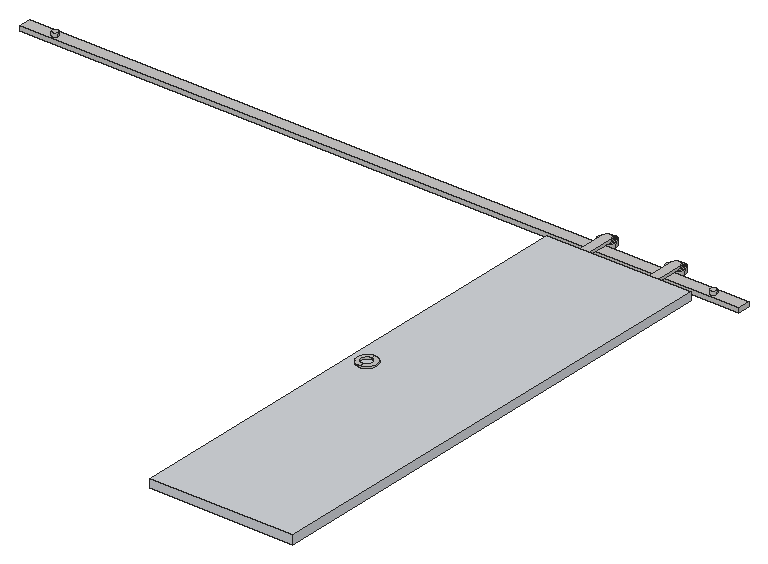
Revit family
Parameters (values of type "Stainless Steel, Brushed")
  zz YesNo 8 [instance] = or(Trolley is Face Mount, Trolley is Glass Mount)  # no
  zz YesNo 7 [instance] = and(not(zz YesNo 6), Has Color Accent White)  # no
  zz YesNo 6 [instance] = or(not(if(Trolley is Top Mount, 1, 0) + if(Trolley is Glass Mount, 1, 0) + if(Trolley is Face Mount, 1, 0) = 1), and(Has Color Accent Yellow, Has Color Accent White), and(Has Color Accent White, Has Color Accent Blue), and(Has Color Accent Blue, Has Color Accent Orange), and(Has Color Accent Orange, Has Color Accent Black), and(Has Color Accent Yellow, Has Color Accent Black), and(Has Color Accent White, Has Color Accent Orange), and(Has Color Accent Yellow, Has Color Accent Blue), and(Has Color Accent White, Has Color Accent Orange), and(Has Color Accent Blue, Has Color Accent Black), and(Has Color Accent Yellow, Has Color Accent Orange), and(Has Color Accent White, Has Color Accent Black))  # no
  zz YesNo 5 [instance] = and(not(zz YesNo 6), Has Color Accent Orange)  # no
  zz YesNo 4 [instance] = and(not(zz YesNo 6), Has Color Accent Yellow)  # no
  zz YesNo 3 [instance] = and(not(zz YesNo 6), Has Color Accent Blue)  # no
  zz YesNo 2 [instance] = not(or(zz YesNo 4, zz YesNo 7, zz YesNo 5, zz YesNo 3, zz YesNo 1))  # yes
  zz YesNo 1 [instance] = and(not(zz YesNo 6), Has Color Accent Black)  # no
  zz Material 3 = Stainless Steel - Krown Lab - Brushed
  zz Material 2 = Stainless Steel - Krown Lab - Brushed
  zz Material 1 = Stainless Steel - Krown Lab - Brushed
  zz Length 6 [instance] = if(and(Has 1 Track Mount Spacer, Trolley is Top Mount), 2.000", if(and(Has 2 Track Mount Spacers, Trolley is Top Mount), 2.625", if(and(Has 1 Track Mount Spacer, Trolley is Face Mount), 1.375", if(and(Has 2 Track Mount Spacers, Trolley is Face Mount), 2.000", if(and(Has 1 Track Mount Spacer, Trolley is Glass Mount), 1.375", if(and(Has 2 Track Mount Spacers, Trolley is Glass Mount), 2.000", 0.500")))))) - 0.125"  # 1.875"
  zz Length 5 [instance] = if(Panel Height < 4.750", 4.750", Panel Height)  # 83.000"
  zz Length 4 [instance] = 91.000"
  zz Length 3 [instance] = if(Panel Width < 16.375", 16.375", Panel Width)  # 24.000"
  zz Length 2 [instance] = if(Has 1 Track Mount Spacer, 1.375", 2.000")  # 1.375"
  zz Length 1 [instance] = if(zz Length 4 + (Panel Width / 2) > [built-in parameter 1001306] + 72.000", [built-in parameter 1001306] - (Panel Width / 2) + 72.000", if(zz Length 4 - (Panel Width / 2) < 72.000", (Panel Width / 2) + 72.000", zz Length 4))  # 91.000"
  zz Integer 1 = 3
  URL = "http://www.krownlab.com/"
  Type Comments = "To Modify the Panel, edit the nested Panel Family and reload into the Door"  # constant formula
  Trolley is Top Mount [instance] = yes
  Trolley is Glass Mount [instance] = no
  Trolley is Face Mount [instance] = no
  Track Length [instance] = [built-in parameter 1001306]  # 120.000"
  Provide Feedback = "https://www.surveymonkey.com/s/3HJZTQD "
  Product Page URL = "http://www.krownlab.com/oden"
  Product Material = Stainless Steel - Krown Lab - Brushed
  Product Documentation Link = "http://www.krownlab.com/pdfs/KrownLab-ODEN-Product-Guide.pdf"
  Part Number [instance] = if(not(zz YesNo 6), if(and(zz Integer 1 = 3, Trolley is Top Mount), "Oden, O11", if(and(zz Integer 1 = 3, Trolley is Face Mount), "Oden, O12", if(and(zz Integer 1 = 3, Trolley is Glass Mount), "Oden, O13", if(and(zz Integer 1 = 2, Trolley is Top Mount), "Oden, O21", if(and(zz Integer 1 = 2, Trolley is Face Mount), "Oden, O22", if(and(zz Integer 1 = 2, Trolley is Glass Mount), "Oden, O23", if(and(zz Integer 1 = 4, Trolley is Top Mount), "Oden, O31", if(and(zz Integer 1 = 4, Trolley is Face Mount), "Oden, O32", if(and(zz Integer 1 = 4, Trolley is Glass Mount), "Oden, O33", if(and(zz Integer 1 = 1, Trolley is Top Mount), "Oden, O41", if(and(zz Integer 1 = 1, Trolley is Face Mount), "Oden, O42", if(and(zz Integer 1 = 1, Trolley is Glass Mount), "Oden, O43", "Not Available")))))))))))), "Not Available")  # "Oden, O11"
  Part Description [instance] = if(and(zz Integer 1 = 1, zz YesNo 4), "Oden Series Bamboo Sliding Track For Custom Sized Panels With Yellow Accents", if(and(zz Integer 1 = 1, zz YesNo 7), "Oden Series Bamboo Sliding Track For Custom Sized Panels With White Accents", if(and(zz Integer 1 = 1, zz YesNo 5), "Oden Series Bamboo Sliding Track For Custom Sized Panels With Orange Accents", if(and(zz Integer 1 = 1, zz YesNo 3), "Oden Series Bamboo Sliding Track For Custom Sized Panels With Blue Accents", if(and(zz Integer 1 = 1, zz YesNo 1), "Oden Series Bamboo Sliding Track For Custom Sized Panels With Black Accents", if(and(zz Integer 1 = 1, zz YesNo 2), "Oden Series Bamboo Sliding Track For Custom Sized Panels", if(and(zz Integer 1 = 2, zz YesNo 4), "Oden Series Polished Stainless Steel Sliding Track For Custom Sized Panels With Yellow Accents", if(and(zz Integer 1 = 2, zz YesNo 7), "Oden Series Polished Stainless Steel Sliding Track For Custom Sized Panels With White Accents", if(and(zz Integer 1 = 2, zz YesNo 5), "Oden Series Polished Stainless Steel Sliding Track For Custom Sized Panels With Orange Accents", if(and(zz Integer 1 = 2, zz YesNo 3), "Oden Series Polished Stainless Steel Sliding Track For Custom Sized Panels With Blue Accents", if(and(zz Integer 1 = 2, zz YesNo 1), "Oden Series Polished Stainless Steel Sliding Track For Custom Sized Panels With Black Accents", if(and(zz Integer 1 = 2, zz YesNo 2), "Oden Series Polished Stainless Steel Sliding Track For Custom Sized Panels", if(and(zz Integer 1 = 3, zz YesNo 4), "Oden Series Brushed Stainless Steel Sliding Track For Custom Sized Panels With Yellow Accents", if(and(zz Integer 1 = 3, zz YesNo 7), "Oden Series Brushed Stainless Steel Sliding Track For Custom Sized Panels With White Accents", if(and(zz Integer 1 = 3, zz YesNo 5), "Oden Series Brushed Stainless Steel Sliding Track For Custom Sized Panels With Orange Accents", if(and(zz Integer 1 = 3, zz YesNo 3), "Oden Series Brushed Stainless Steel Sliding Track For Custom Sized Panels With Blue Accents", if(and(zz Integer 1 = 3, zz YesNo 1), "Oden Series Brushed Stainless Steel Sliding Track For Custom Sized Panels With Black Accents", if(and(zz Integer 1 = 3, zz YesNo 2), "Oden Series Brushed Stainless Steel Sliding Track For Custom Sized Panels", if(and(zz Integer 1 = 4, zz YesNo 4), "Oden Series Black Stainless Steel Sliding Track For Custom Sized Panels With Yellow Accents", if(and(zz Integer 1 = 4, zz YesNo 7), "Oden Series Black Stainless Steel Sliding Track For Custom Sized Panels With White Accents", if(and(zz Integer 1 = 4, zz YesNo 5), "Oden Series Black Stainless Steel Sliding Track For Custom Sized Panels With Orange Accents", if(and(zz Integer 1 = 4, zz YesNo 3), "Oden Series Black Stainless Steel Sliding Track For Custom Sized Panels With Blue Accents", if(and(zz Integer 1 = 4, zz YesNo 1), "Oden Series Black Stainless Steel Sliding Track For Custom Sized Panels With Black Accents", if(and(zz Integer 1 = 4, zz YesNo 2), "Oden Series Black Stainless Steel Sliding Track For Custom Sized Panels", "Not Available"))))))))))))))))))))))))  # "Oden Series Brushed Stainless Steel Sliding Track For Custom Sized Panels"
  Panel Width [instance] = 24.000"
  Panel Material [instance] = none
  Panel Height [instance] = 83.000"
  Panel Depth Desired [instance] = 1.375"
  Panel Depth Actual [instance] = if(not(zz YesNo 6), if(Trolley is Top Mount, if(Panel Depth Desired > 3.000", 3.000", if(Panel Depth Desired < 1.375", 1.375", Panel Depth Desired)), if(Trolley is Face Mount, if(Panel Depth Desired > 1.750", 1.750", if(Panel Depth Desired < 0.750", 0.750", Panel Depth Desired)), if(Trolley is Glass Mount, if(Panel Depth Desired > 0.750", 0.750", if(Panel Depth Desired < 0.375", 0.375", Panel Depth Desired)), 5.000"))), 3.000" / 4)  # 1.375"
  Panel [instance] = Panel : Standard
  Original Creation Date = "6/26/13"  # constant formula
  Mounting Hardware [instance] = if(not(zz YesNo 6), if(Trolley is Top Mount, "Top Mount", if(Trolley is Face Mount, "Face Mount", if(Trolley is Glass Mount, "Glass Mount", "Not Available"))), "Not Available")  # "Top Mount"
  Model Disclaimer = "For More Information, Contact Krown Lab"  # constant formula
  Model = "See Part Number"  # constant formula
  Max Panel Weight [instance] = if(Has 1 Track Mount Spacer, 400.000 lbf, 300.000 lbf)  # 400.000 lbf
  Manufacturer = "Krown Lab"  # constant formula
  built-in parameter 1001306 [instance] = 120.000"
  Has Color Accent Yellow [instance] = no
  Has Color Accent White [instance] = no
  Has Color Accent Orange [instance] = no
  Has Color Accent Blue [instance] = no
  Has Color Accent Black [instance] = no
  Has 2 Track Mount Spacers [instance] = not(Has 1 Track Mount Spacer)  # no
  Has 1 Track Mount Spacer [instance] = yes
  Handle Material = Stainless Steel - Krown Lab - Brushed
  Handle [instance] = Handle : Ring Pull
  Family Version = "1.0.0"  # constant formula
  Equipment Number [instance] = ""
  Equipment Abbreviation = "DR"
  Description = "See Part Description"  # constant formula
  Date Last Modified = "6/26/13"  # constant formula
  Copyright = "Copyright © Krown Lab"  # constant formula
  Configuration [instance] = if(and(or(and(Trolley is Top Mount, Trolley is Glass Mount), and(Trolley is Top Mount, Trolley is Face Mount), and(Trolley is Face Mount, Trolley is Glass Mount)), zz YesNo 6), "Error: Select only 1 Trolley Option", if(zz YesNo 6, "Error: Select only 1 Color Accent", "Available"))  # "Available"
Types (5): name | zz Material 3 | zz Material 2 | zz Material 1 | zz Integer 1 | Product Material | Part Number | Part Description | Handle Material
  (no name) | Stainless Steel - Krown Lab - Brushed | Stainless Steel - Krown Lab - Brushed | Stainless Steel - Krown Lab - Brushed | 3 | Stainless Steel - Krown Lab - Brushed | "Oden, O11" | "Oden Series Brushed Stainless Steel Sliding Track For Custom Sized Panels" | Stainless Steel - Krown Lab - Brushed
  Stainless Steel, Polished | Stainless Steel - Krown Lab - Polished | Stainless Steel - Krown Lab - Polished | Stainless Steel - Krown Lab - Polished | 2 | Stainless Steel - Krown Lab - Polished | "Oden, O21" | "Oden Series Polished Stainless Steel Sliding Track For Custom Sized Panels" | Stainless Steel - Krown Lab - Polished
  Stainless Steel, Brushed | Stainless Steel - Krown Lab - Brushed | Stainless Steel - Krown Lab - Brushed | Stainless Steel - Krown Lab - Brushed | 3 | Stainless Steel - Krown Lab - Brushed | "Oden, O11" | "Oden Series Brushed Stainless Steel Sliding Track For Custom Sized Panels" | Stainless Steel - Krown Lab - Brushed
  Stainless Steel, Black | Stainless Steel - Krown Lab - Black | Stainless Steel - Krown Lab - Black | Stainless Steel - Krown Lab - Black | 4 | Stainless Steel - Krown Lab - Black | "Oden, O31" | "Oden Series Black Stainless Steel Sliding Track For Custom Sized Panels" | Stainless Steel - Krown Lab - Black
  Bamboo | Stainless Steel - Krown Lab - Brushed | Stainless Steel - Krown Lab - Brushed | Bamboo - Krown Lab | 1 | Bamboo - Krown Lab | "Oden, O41" | "Oden Series Bamboo Sliding Track For Custom Sized Panels" | Stainless Steel - Krown Lab - Brushed
Reference planes (in)
  plane 1 "Center (Front/Back)": y = 0
  plane 2: z = 0
  plane 3 "Left": x = 0
  plane 4 "Right": x = 120
  plane 5: z = 1.1875
  plane 6: z = 0.675
  plane 7: z = 0.5
  plane 8: z = 1.025
  plane 9: z = 1.375
  plane 10: z = 1.775
  plane 11: z = 1.875
  plane 12: x = 5
  plane 13: x = 67
  plane 14: y = -44.75
  plane 15: y = -86.25
  plane 16: y = -44.25
  plane 17: y = 1.075
  plane 18: y = 1.438
  plane 19: y = -3.25
  plane 20: y = -2
  plane 21: y = -1
  plane 22: y = -7.25
  plane 23: x = 89
  plane 24: x = 101
  plane 25: x = 113
  plane 26: x = 91.7
  plane 27: x = 94.5
  plane 28: x = 96
  plane 29: x = 95.25
  plane 30: x = 107.5
  plane 31: x = 106.75
  plane 32: x = 106
  plane 33: x = 192
  plane 34: y = -3
  plane 35: x = -1
  plane 36: x = 121
  plane 37: y = 4.313
  plane 38: y = -87.25
  plane 39: z = -1
  plane 40: z = 2.875
  plane 41: y = -0.5
  plane 42: z = 0.275
  plane 43: z = 1.25
  plane 44: z = 0.8
  plane 45: z = 2.125
  plane 46: y = 0.75
  plane 47: y = 0.5625
  plane 48: y = 0.1875
  plane 49: x = 115
  plane 50: z = 1.875
Forms (in)
  Extrusion 1, solid, material "Stainless Steel - Krown Lab - Brushed" <- "Product Material", visible <- "zz YesNo 2"
    sketch origin (0, 0, 0) x (1, 0, 0) y (0, 1, 0)
      loop
        line (0, 0) -> (0, -2) -> (120, -2) -> (120, 0) -> (0, 0)
    from 0.675 to 1.375
  Extrusion 2, solid, material "Stainless Steel - Krown Lab - Brushed" <- "zz Material 2", visible <- "zz YesNo 4", detail levels medium+fine
    sketch origin (0, 0, 0) x (1, 0, 0) y (0, 1, 0)
      loop
        circle (95.25, 1.438) r 0.688
      loop
        circle (95.25, 1.438) r 1.438
      loop
        circle (106.75, 1.438) r 0.688
      loop
        circle (106.75, 1.438) r 1.4375
    from 0.675 to 1.375
  Extrusion 3, solid, material "Stainless Steel - Krown Lab - Brushed" <- "Product Material", visible <- "zz YesNo 8", detail levels medium+fine
    sketch origin (0, 0, 0) x (1, 0, 0) y (0, 1, 0)
      loop
        arc (94.5, -7.25) -> (95.25, -8) -> (96, -7.25) r 0.75
        line (96, -7.25) -> (96, 1.438)
        arc (96, 1.438) -> (95.25, 2.188) -> (94.5, 1.438) r 0.75
        line (94.5, 1.438) -> (94.5, -7.25)
      loop
        arc (106, -7.25) -> (106.75, -8) -> (107.5, -7.25) r 0.75
        line (107.5, -7.25) -> (107.5, 1.438)
        arc (107.5, 1.438) -> (106.75, 2.188) -> (106, 1.438) r 0.75
        line (106, 1.438) -> (106, -7.25)
    from 1.375 to 1.775
  Extrusion 4, solid, material "Stainless Steel - Krown Lab - Brushed" <- "Product Material", visible <- "Trolley is Top Mount", detail levels medium+fine
    sketch origin (0, 0, 0) x (1, 0, 0) y (0, 1, 0)
      loop
        line (94.5, -3.25) -> (96, -3.25) -> (96, 1.438)
        arc (96, 1.438) -> (95.25, 2.188) -> (94.5, 1.438) r 0.75
        line (94.5, 1.438) -> (94.5, -3.25)
      loop
        line (106, -3.25) -> (107.5, -3.25) -> (107.5, 1.438)
        arc (107.5, 1.438) -> (106.75, 2.188) -> (106, 1.438) r 0.75
        line (106, 1.438) -> (106, -3.25)
    from 1.375 to 1.775
  Extrusion 5, solid, material "Stainless Steel - Krown Lab - Brushed" <- "Product Material", visible <- "Trolley is Top Mount", detail levels medium+fine
    sketch origin (0, 0, 0) x (1, 0, 0) y (0, 1, 0)
      loop
        line (94.5, -3) -> (94.5, -3.25) -> (96, -3.25) -> (96, -3) -> (94.5, -3)
      loop
        line (106, -3) -> (106, -3.25) -> (107.5, -3.25) -> (107.5, -3) -> (106, -3)
    from 0.675 to 1.775
  Extrusion 6, solid, material "Error Box", visible <- "zz YesNo 6"
    sketch origin (0, 0, 0) x (1, 0, 0) y (0, 1, 0)
      loop
        line (-1, 4.313) -> (-1, -87.25) -> (121, -87.25) -> (121, 4.313) -> (-1, 4.313)
    from -1 to 2.875
  Extrusion 7, solid, material "Stainless Steel - Krown Lab - Brushed" <- "zz Material 2", visible <- "zz YesNo 7", detail levels medium+fine
    sketch origin (0, 0, 0) x (1, 0, 0) y (0, 1, 0)
      loop
        circle (95.25, 1.438) r 0.688
      loop
        circle (95.25, 1.438) r 1.438
      loop
        circle (106.75, 1.438) r 0.688
      loop
        circle (106.75, 1.438) r 1.4375
    from 0.675 to 1.375
  Extrusion 8, solid, material "Stainless Steel - Krown Lab - Brushed" <- "zz Material 2", visible <- "zz YesNo 5", detail levels medium+fine
    sketch origin (0, 0, 0) x (1, 0, 0) y (0, 1, 0)
      loop
        circle (95.25, 1.438) r 0.688
      loop
        circle (95.25, 1.438) r 1.438
      loop
        circle (106.75, 1.438) r 0.688
      loop
        circle (106.75, 1.438) r 1.4375
    from 0.675 to 1.375
  Extrusion 9, solid, material "Stainless Steel - Krown Lab - Brushed" <- "zz Material 2", visible <- "zz YesNo 3", detail levels medium+fine
    sketch origin (0, 0, 0) x (1, 0, 0) y (0, 1, 0)
      loop
        circle (95.25, 1.438) r 0.688
      loop
        circle (95.25, 1.438) r 1.438
      loop
        circle (106.75, 1.438) r 0.688
      loop
        circle (106.75, 1.438) r 1.4375
    from 0.675 to 1.375
  Extrusion 10, solid, material "Stainless Steel - Krown Lab - Brushed" <- "zz Material 2", visible <- "zz YesNo 1", detail levels medium+fine
    sketch origin (0, 0, 0) x (1, 0, 0) y (0, 1, 0)
      loop
        circle (95.25, 1.438) r 0.688
      loop
        circle (95.25, 1.438) r 1.438
      loop
        circle (106.75, 1.438) r 0.688
      loop
        circle (106.75, 1.438) r 1.4375
    from 0.675 to 1.375
  Extrusion 11, solid, material "Stainless Steel - Krown Lab - Brushed" <- "zz Material 2", visible <- "zz YesNo 2", detail levels medium+fine
    sketch origin (0, 0, 0) x (1, 0, 0) y (0, 1, 0)
      loop
        circle (95.25, 1.438) r 0.688
      loop
        circle (95.25, 1.438) r 1.438
      loop
        circle (106.75, 1.438) r 0.688
      loop
        circle (106.75, 1.438) r 1.4375
    from 0.675 to 1.375
  Extrusion 12, solid, material "Stainless Steel - Krown Lab - Brushed" <- "Product Material", visible <- "zz YesNo 1"
    sketch origin (0, 0, 0) x (1, 0, 0) y (0, 1, 0)
      loop
        line (0, 0) -> (0, -2) -> (120, -2) -> (120, 0) -> (0, 0)
    from 0.675 to 1.375
  Extrusion 13, solid, material "Stainless Steel - Krown Lab - Brushed" <- "Product Material", visible <- "zz YesNo 3"
    sketch origin (0, 0, 0) x (1, 0, 0) y (0, 1, 0)
      loop
        line (0, 0) -> (0, -2) -> (120, -2) -> (120, 0) -> (0, 0)
    from 0.675 to 1.375
  Extrusion 14, solid, material "Stainless Steel - Krown Lab - Brushed" <- "Product Material", visible <- "zz YesNo 5"
    sketch origin (0, 0, 0) x (1, 0, 0) y (0, 1, 0)
      loop
        line (0, 0) -> (0, -2) -> (120, -2) -> (120, 0) -> (0, 0)
    from 0.675 to 1.375
  Extrusion 15, solid, material "Stainless Steel - Krown Lab - Brushed" <- "Product Material", visible <- "zz YesNo 7"
    sketch origin (0, 0, 0) x (1, 0, 0) y (0, 1, 0)
      loop
        line (0, 0) -> (0, -2) -> (120, -2) -> (120, 0) -> (0, 0)
    from 0.675 to 1.375
  Extrusion 16, solid, material "Stainless Steel - Krown Lab - Brushed" <- "Product Material", visible <- "zz YesNo 4"
    sketch origin (0, 0, 0) x (1, 0, 0) y (0, 1, 0)
      loop
        line (0, 0) -> (0, -2) -> (120, -2) -> (120, 0) -> (0, 0)
    from 0.675 to 1.375
  Extrusion 17, solid, material "Stainless Steel - Krown Lab - Brushed" <- "Product Material", detail levels medium+fine
    sketch origin (0, 0, 0) x (1, 0, 0) y (0, 1, 0)
      loop
        line (94.5, -0.5) -> (96, -0.5) -> (96, 1.438)
        arc (96, 1.438) -> (95.25, 2.188) -> (94.5, 1.438) r 0.75
        line (94.5, 1.438) -> (94.5, -0.5)
      loop
        line (106, -0.5) -> (107.5, -0.5) -> (107.5, 1.438)
        arc (107.5, 1.438) -> (106.75, 2.188) -> (106, 1.438) r 0.75
        line (106, 1.438) -> (106, -0.5)
    from 0.275 to 0.675
  Extrusion 18, void
    sketch origin (0, 0, 0) x (1, 0, 0) y (0, 1, 0)
      loop
        circle (106.75, 1.438) r 1.2505
      loop
        circle (106.75, 1.438) r 0.8755
      loop
        circle (95.25, 1.438) r 1.2505
      loop
        circle (95.25, 1.438) r 0.8755
    from 1.25 to 1.375
  Extrusion 19, void
    sketch origin (0, 0, 0) x (1, 0, 0) y (0, 1, 0)
      loop
        circle (106.75, 1.438) r 1.2505
      loop
        circle (106.75, 1.438) r 0.8755
      loop
        circle (95.25, 1.438) r 1.2505
      loop
        circle (95.25, 1.438) r 0.8755
    from 0.675 to 0.8
  Extrusion 20, solid, material "Stainless Steel - Krown Lab - Brushed" <- "zz Material 2", visible <- "zz YesNo 1", detail levels fine
    sketch origin (0, 0, 0) x (1, 0, 0) y (0, 1, 0)
      loop
        circle (115, -1) r 0.5
      loop
        circle (5, -1) r 0.5
    from 1.375 to 1.875
  Extrusion 21, solid, material "Stainless Steel - Krown Lab - Brushed" <- "zz Material 2", visible <- "zz YesNo 2", detail levels fine
    sketch origin (0, 0, 0) x (1, 0, 0) y (0, 1, 0)
      loop
        circle (115, -1) r 0.5
      loop
        circle (5, -1) r 0.5
    from 1.375 to 1.875
  Extrusion 22, solid, material "Stainless Steel - Krown Lab - Brushed" <- "zz Material 2", visible <- "zz YesNo 4", detail levels fine
    sketch origin (0, 0, 0) x (1, 0, 0) y (0, 1, 0)
      loop
        circle (115, -1) r 0.5
      loop
        circle (5, -1) r 0.5
    from 1.375 to 1.875
  Extrusion 23, solid, material "Stainless Steel - Krown Lab - Brushed" <- "zz Material 2", visible <- "zz YesNo 7", detail levels fine
    sketch origin (0, 0, 0) x (1, 0, 0) y (0, 1, 0)
      loop
        circle (115, -1) r 0.5
      loop
        circle (5, -1) r 0.5
    from 1.375 to 1.875
  Extrusion 24, solid, material "Stainless Steel - Krown Lab - Brushed" <- "zz Material 2", visible <- "zz YesNo 5", detail levels fine
    sketch origin (0, 0, 0) x (1, 0, 0) y (0, 1, 0)
      loop
        circle (115, -1) r 0.5
      loop
        circle (5, -1) r 0.5
    from 1.375 to 1.875
  Extrusion 25, solid, material "Stainless Steel - Krown Lab - Brushed" <- "zz Material 2", visible <- "zz YesNo 3", detail levels fine
    sketch origin (0, 0, 0) x (1, 0, 0) y (0, 1, 0)
      loop
        circle (115, -1) r 0.5
      loop
        circle (5, -1) r 0.5
    from 1.375 to 1.875
Cuts and joins
  joined: Extrusion 4, Extrusion 5
  Extrusion 18, Extrusion 19 cuts Extrusion 11
  Extrusion 18, Extrusion 19 cuts Extrusion 10
  Extrusion 18, Extrusion 19 cuts Extrusion 9
  Extrusion 18, Extrusion 19 cuts Extrusion 8
  Extrusion 18, Extrusion 19 cuts Extrusion 7
  Extrusion 18, Extrusion 19 cuts Extrusion 2
Lines and regions (in)
  Masking region 1
    outline origin (0, 0, 0) x (1, 0, 0) y (0, 0, 1)
      loop
        line (0, 1.375) -> (0, 0.675) -> (120, 0.675) -> (120, 1.375) -> (0, 1.375)
  reference lines
    curve 1: line (0, 0, 0) -> (120, 0, 0)
    curve 2: line (101, -86.25, 1.1875) -> (101, 0, 1.1875)
Text (in)
  text "To Modify the Panel, edit the nested Panel Family and reload into the Door" at (-101.19156, 12.03068, 0), in view "Ref. Level"
Dimensions and locks (in)
  "built-in parameter 1001306": plane 3 "Left" to plane 4 "Right"
  equal spacing: plane 11, plane 5, plane 7
  "zz Length 6": plane 11 to plane 2
  "Panel Depth Actual": plane 11 to plane 7
  "zz Length 2": plane 9 to plane 2
  equal spacing: plane 19, plane 14, plane 15
  locked: plane 16 to plane 15 at 42
  plane 18 to plane 17 to plane 46 to plane 47 to plane 48 to plane 1 "Center (Front/Back)" to plane 41 to plane 21 to plane 20 to plane 34 to plane 19 to plane 22 = 0.363" locked, 0.325" locked, 0.1875" locked, 0.375" locked, 0.1875" locked, 0.500" locked, 0.500" locked, 1.000" locked, 1.000" locked, 0.250" locked, 4.000" locked
  "zz Length 5": plane 19 to plane 15
  plane 10 to plane 9 to plane 8 to plane 6 = 0.400" locked, 0.350" locked, 0.350" locked
  equal spacing: plane 23, plane 24, plane 25
  "zz Length 3": plane 23 to plane 25
  plane 23 to plane 26 to plane 27 to plane 29 to plane 28 = 2.700" locked, 2.800" locked, 0.750" locked, 0.750" locked
  plane 32 to plane 31 to plane 30 to plane 25 = 0.750" locked, 0.750" locked, 5.500" locked
  "zz Length 1": plane 24 to plane 33
  "zz Length 4": curve 2 to plane 33
  locked: plane 4 "Right" to plane 33 at 72
  locked: plane 35 to plane 3 "Left" at 1
  locked: plane 4 "Right" to plane 36 at 1
  locked: plane 37 to plane 18 at 2.875
  locked: plane 15 to plane 38 at 1
  locked: plane 2 to plane 39 at 1
  locked: plane 40 to plane 11 at 1
  locked: plane 44 to plane 6 at 0.125
  locked: plane 9 to plane 43 at 0.125
  locked: plane 49 to plane 4 "Right" at 5
  locked: plane 3 "Left" to plane 12 at 5
  locked: plane 50 to plane 9 at 0.5
  aligned and locked: plane 4 "Right" to curve 1
  aligned and locked: plane 3 "Left" to curve 1
  aligned and locked: level to plane 2
  aligned and locked: Extrusion 1 sketch curve to plane 4 "Right"
  aligned and locked: plane 20 to Extrusion 1 sketch curve
  aligned and locked: plane 1 "Center (Front/Back)" to Extrusion 1 sketch curve
  aligned and locked: plane 3 "Left" to Extrusion 1 sketch curve
  aligned and locked: plane 29 to Extrusion 2 sketch curve  (x2)
  aligned and locked: plane 18 to Extrusion 2 sketch curve  (x4)
  aligned and locked: plane 31 to Extrusion 2 sketch curve  (x2)
  aligned: Extrusion 2 to plane 6
  aligned and locked: Extrusion 1 to plane 6
  aligned and locked: plane 9 to Extrusion 1
  aligned: plane 9 to Extrusion 2
  aligned and locked: nested 1 to plane 24
  aligned and locked: nested 1 to plane 14
  aligned and locked: nested 2 to plane 16
  aligned and locked: nested 2 to plane 26
  aligned and locked: plane 29 to Extrusion 3 sketch curve  (x2)
  aligned and locked: plane 22 to Extrusion 3 sketch curve  (x2)
  aligned and locked: plane 31 to Extrusion 3 sketch curve  (x2)
  aligned and locked: Extrusion 3 sketch curve to plane 32
  aligned and locked: plane 30 to Extrusion 3 sketch curve
  aligned and locked: plane 28 to Extrusion 3 sketch curve
  aligned and locked: Extrusion 3 sketch curve to plane 27
  aligned and locked: Extrusion 3 to plane 9
  aligned and locked: plane 10 to Extrusion 3
  aligned and locked: plane 15 to curve 2
  aligned and locked: Extrusion 4 sketch curve to plane 27
  aligned and locked: plane 19 to Extrusion 4 sketch curve  (x2)
  aligned and locked: plane 28 to Extrusion 4 sketch curve
  aligned and locked: Extrusion 4 sketch curve to plane 32
  aligned and locked: plane 30 to Extrusion 4 sketch curve
  aligned and locked: Extrusion 4 to plane 9
  aligned and locked: plane 10 to Extrusion 4
  aligned and locked: plane 19 to Extrusion 5 sketch curve  (x2)
  aligned and locked: plane 30 to Extrusion 5 sketch curve
  aligned and locked: Extrusion 5 sketch curve to plane 32
  aligned and locked: Extrusion 5 sketch curve to plane 34  (x2)
  aligned and locked: Extrusion 5 sketch curve to plane 27
  aligned and locked: plane 28 to Extrusion 5 sketch curve
  aligned and locked: Extrusion 5 to plane 6
  aligned and locked: plane 10 to Extrusion 5
  aligned and locked: plane 6 to Masking region 1 sketch curve
  aligned and locked: Masking region 1 sketch curve to plane 4 "Right"
  aligned and locked: Masking region 1 sketch curve to plane 9
  aligned and locked: plane 3 "Left" to Masking region 1 sketch curve
  aligned and locked: plane 36 to Extrusion 6 sketch curve
  aligned and locked: Extrusion 6 sketch curve to plane 35
  aligned and locked: plane 38 to Extrusion 6 sketch curve
  aligned and locked: Extrusion 6 sketch curve to plane 37
  aligned and locked: Extrusion 6 to plane 39
  aligned and locked: plane 40 to Extrusion 6
  aligned and locked: plane 18 to Extrusion 4 sketch curve  (x2)
  aligned and locked: plane 31 to Extrusion 4 sketch curve
  aligned and locked: plane 29 to Extrusion 4 sketch curve
  aligned and locked: plane 18 to Extrusion 3 sketch curve  (x2)
  aligned and locked: plane 18 to Extrusion 7 sketch curve  (x4)
  aligned and locked: plane 31 to Extrusion 7 sketch curve  (x2)
  aligned and locked: plane 29 to Extrusion 7 sketch curve  (x2)
  aligned and locked: plane 18 to Extrusion 8 sketch curve  (x4)
  aligned and locked: plane 29 to Extrusion 8 sketch curve  (x2)
  aligned and locked: plane 31 to Extrusion 8 sketch curve  (x2)
  aligned and locked: plane 29 to Extrusion 9 sketch curve  (x2)
  aligned and locked: plane 18 to Extrusion 9 sketch curve  (x4)
  aligned and locked: plane 31 to Extrusion 9 sketch curve  (x2)
  aligned and locked: plane 29 to Extrusion 10 sketch curve  (x2)
  aligned and locked: plane 18 to Extrusion 10 sketch curve  (x4)
  aligned and locked: plane 31 to Extrusion 10 sketch curve  (x2)
  aligned: Extrusion 7 to plane 6
  aligned: Extrusion 8 to plane 6
  aligned: Extrusion 9 to plane 6
  aligned: Extrusion 10 to plane 6
  aligned: plane 9 to Extrusion 7
  aligned: plane 9 to Extrusion 8
  aligned: plane 9 to Extrusion 9
  aligned: plane 9 to Extrusion 10
  aligned and locked: plane 29 to Extrusion 11 sketch curve  (x2)
  aligned and locked: plane 18 to Extrusion 11 sketch curve  (x4)
  aligned and locked: plane 31 to Extrusion 11 sketch curve  (x2)
  aligned: Extrusion 11 to plane 6
  aligned: plane 9 to Extrusion 11
  aligned and locked: Extrusion 12 sketch curve to curve 1
  aligned and locked: Extrusion 12 sketch curve to Extrusion 1  (x3)
  aligned and locked: Extrusion 13 sketch curve to curve 1
  aligned and locked: Extrusion 13 sketch curve to Extrusion 1  (x3)
  aligned and locked: Extrusion 14 sketch curve to curve 1
  aligned and locked: Extrusion 14 sketch curve to Extrusion 1  (x3)
  aligned and locked: Extrusion 15 sketch curve to curve 1
  aligned and locked: Extrusion 15 sketch curve to Extrusion 1  (x3)
  aligned and locked: Extrusion 16 sketch curve to curve 1
  aligned and locked: Extrusion 16 sketch curve to Extrusion 1  (x3)
  aligned and locked: Extrusion 16 to plane 6
  aligned and locked: Extrusion 15 to plane 6
  aligned and locked: Extrusion 14 to plane 6
  aligned and locked: Extrusion 13 to plane 6
  aligned and locked: Extrusion 12 to plane 6
  aligned and locked: plane 9 to Extrusion 16
  aligned and locked: plane 9 to Extrusion 15
  aligned and locked: plane 9 to Extrusion 14
  aligned and locked: plane 9 to Extrusion 13
  aligned and locked: plane 9 to Extrusion 12
  aligned and locked: plane 41 to Extrusion 17 sketch curve  (x2)
  aligned and locked: plane 30 to Extrusion 17 sketch curve
  aligned and locked: Extrusion 17 sketch curve to plane 32
  aligned and locked: plane 28 to Extrusion 17 sketch curve
  aligned and locked: Extrusion 17 sketch curve to plane 27
  aligned and locked: plane 18 to Extrusion 17 sketch curve  (x2)
  aligned and locked: plane 31 to Extrusion 17 sketch curve
  aligned and locked: plane 29 to Extrusion 17 sketch curve
  aligned and locked: Extrusion 17 to plane 42
  aligned and locked: plane 6 to Extrusion 17
  aligned and locked: plane 18 to Extrusion 18 sketch curve  (x4)
  aligned and locked: plane 29 to Extrusion 18 sketch curve  (x2)
  aligned and locked: plane 31 to Extrusion 18 sketch curve  (x2)
  aligned and locked: plane 18 to Extrusion 19 sketch curve  (x4)
  aligned and locked: plane 29 to Extrusion 19 sketch curve  (x2)
  aligned and locked: plane 31 to Extrusion 19 sketch curve  (x2)
  aligned and locked: cut or joined group of Extrusion 11, Extrusion 18, Extrusion 19 to plane 6
  aligned and locked: plane 9 to cut or joined group of Extrusion 11, Extrusion 18, Extrusion 19
  aligned and locked: cut or joined group of Extrusion 10, Extrusion 18, Extrusion 19 to plane 6
  aligned and locked: plane 9 to cut or joined group of Extrusion 10, Extrusion 18, Extrusion 19
  aligned and locked: cut or joined group of Extrusion 9, Extrusion 18, Extrusion 19 to plane 6
  aligned and locked: plane 9 to cut or joined group of Extrusion 9, Extrusion 18, Extrusion 19
  aligned and locked: cut or joined group of Extrusion 8, Extrusion 18, Extrusion 19 to plane 6
  aligned and locked: plane 9 to cut or joined group of Extrusion 8, Extrusion 18, Extrusion 19
  aligned and locked: cut or joined group of Extrusion 7, Extrusion 18, Extrusion 19 to plane 6
  aligned and locked: plane 9 to cut or joined group of Extrusion 7, Extrusion 18, Extrusion 19
  aligned and locked: cut or joined group of Extrusion 2, Extrusion 18, Extrusion 19 to plane 6
  aligned and locked: plane 9 to cut or joined group of Extrusion 2, Extrusion 18, Extrusion 19
  aligned and locked: Extrusion 19 to plane 6
  aligned and locked: plane 44 to Extrusion 19
  aligned and locked: Extrusion 18 to plane 43
  aligned and locked: plane 9 to Extrusion 18
  aligned and locked: plane 21 to Extrusion 20 sketch curve  (x2)
  aligned and locked: plane 49 to Extrusion 20 sketch curve
  aligned and locked: plane 12 to Extrusion 20 sketch curve
  aligned and locked: plane 12 to Extrusion 21 sketch curve
  aligned and locked: plane 21 to Extrusion 21 sketch curve  (x2)
  aligned and locked: plane 49 to Extrusion 21 sketch curve
  aligned and locked: plane 12 to Extrusion 22 sketch curve
  aligned and locked: plane 21 to Extrusion 22 sketch curve  (x2)
  aligned and locked: plane 49 to Extrusion 22 sketch curve
  aligned and locked: plane 21 to Extrusion 23 sketch curve  (x2)
  aligned and locked: plane 49 to Extrusion 23 sketch curve
  aligned and locked: plane 12 to Extrusion 23 sketch curve
  aligned and locked: plane 21 to Extrusion 24 sketch curve  (x2)
  aligned and locked: plane 12 to Extrusion 24 sketch curve
  aligned and locked: plane 49 to Extrusion 24 sketch curve
  aligned and locked: plane 49 to Extrusion 25 sketch curve
  aligned and locked: plane 21 to Extrusion 25 sketch curve  (x2)
  aligned and locked: plane 12 to Extrusion 25 sketch curve
  aligned and locked: Extrusion 21 to plane 9
  aligned and locked: Extrusion 22 to plane 9
  aligned and locked: Extrusion 23 to plane 9
  aligned and locked: Extrusion 24 to plane 9
  aligned and locked: Extrusion 25 to plane 9
  aligned and locked: Extrusion 20 to plane 9
  aligned and locked: plane 50 to Extrusion 21
  aligned and locked: plane 50 to Extrusion 22
  aligned and locked: plane 50 to Extrusion 23
  aligned and locked: plane 50 to Extrusion 24
  aligned and locked: plane 50 to Extrusion 25
  aligned and locked: plane 50 to Extrusion 20
Automatic sketch dimensions
  plane 1 "Center (Front/Back)" to curve 1 = 0.000"
  plane 1 "Center (Front/Back)" to curve 2 = 0.000"
  radius of Extrusion 2 sketch curve = 0.688"  (x2)
  radius of Extrusion 2 sketch curve = 1.4375"
  radius of Extrusion 2 sketch curve = 1.438"
  radius of Extrusion 7 sketch curve = 0.688"  (x2)
  radius of Extrusion 7 sketch curve = 1.438"
  radius of Extrusion 7 sketch curve = 1.4375"
  radius of Extrusion 8 sketch curve = 0.688"  (x2)
  radius of Extrusion 8 sketch curve = 1.438"
  radius of Extrusion 8 sketch curve = 1.4375"
  radius of Extrusion 9 sketch curve = 0.688"  (x2)
  radius of Extrusion 9 sketch curve = 1.438"
  radius of Extrusion 9 sketch curve = 1.4375"
  radius of Extrusion 10 sketch curve = 0.688"  (x2)
  radius of Extrusion 10 sketch curve = 1.438"
  radius of Extrusion 10 sketch curve = 1.4375"
  radius of Extrusion 11 sketch curve = 0.688"  (x2)
  radius of Extrusion 11 sketch curve = 1.438"
  radius of Extrusion 11 sketch curve = 1.4375"
  radius of Extrusion 18 sketch curve = 1.2505"  (x2)
  radius of Extrusion 18 sketch curve = 0.8755"  (x2)
  radius of Extrusion 19 sketch curve = 1.2505"  (x2)
  radius of Extrusion 19 sketch curve = 0.8755"  (x2)
  radius of Extrusion 20 sketch curve = 0.500"  (x2)
  radius of Extrusion 21 sketch curve = 0.500"  (x2)
  radius of Extrusion 22 sketch curve = 0.500"  (x2)
  radius of Extrusion 23 sketch curve = 0.500"  (x2)
  radius of Extrusion 24 sketch curve = 0.500"  (x2)
  radius of Extrusion 25 sketch curve = 0.500"  (x2)
Nested families (in)
  nested 1: "Panel" at (101, -44.75, 0.5), Panel Material <- "Panel Material", Panel Width <- "Panel Width", Panel Thickness <- "Panel Depth Actual", Panel Height <- "Panel Height", type <- "Panel", type "Standard"
    with Panel Width 24.000", Panel Thickness 1.375", Panel Material none, Panel Height 83.000"
  nested 2: "Handle" at (91.7, -44.25, 1.1875), Panel Thickness <- "Panel Depth Actual", Material <- "zz Material 3", type <- "Handle", Rail Material <- "zz Material 1", Accent Yellow <- "zz YesNo 4", Accent White <- "zz YesNo 7", Accent Orange <- "zz YesNo 5", Accent Blue <- "zz YesNo 3", Accent Black <- "zz YesNo 1", type "Ring Pull", detail levels fine
    with Rail Material Stainless Steel - Krown Lab - Brushed, Panel Thickness 1.375", Material Stainless Steel - Krown Lab - Brushed, Handle Height 18.000", Front Rail Yellow Visible no, Front Rail White Visible no, Front Rail Visible no, Front Rail Orange Visible no, Front Rail Blue Visible no, Front Rail Black Visible no, Back Rail Yellow Visible no, Back Rail White Visible no, Back Rail Visible no, Back Rail Orange Visible no, Back Rail Blue Visible no, Back Rail Black Visible no, Accent Yellow no, Accent White no, Accent Orange no, Accent Blue no, Accent Black no
Definition of nested family "Panel"
  Parameters (values of type "Standard")
    Panel Width [instance] = 58.000"
    Panel Thickness [instance] = 3.000"
    Panel Material [instance] = none
    Panel Height [instance] = 102.000"
    Assembly Code = ""
  Reference planes (in)
    plane 1 "Center (Front/Back)": y = 0
    plane 2: z = 0
    plane 3 "Center (Left/Right)": x = 0
    plane 4: y = -51
    plane 5: y = 51
    plane 6: x = -29
    plane 7: x = 29
    plane 8: z = 3
  Forms (in)
    Extrusion 1, solid, material <- "Panel Material"
      sketch origin (0, 0, 0) x (1, 0, 0) y (0, 1, 0)
        loop
          line (-29, 51) -> (-29, -51) -> (29, -51) -> (29, 51) -> (-29, 51)
      from 0 to 3
  Lines and regions (in)
    Masking region 1
      outline origin (0, 0, 0) x (1, 0, 0) y (0, 0, 1)
        loop
          line (-29, 3) -> (-29, 0) -> (29, 0) -> (29, 3) -> (-29, 3)
  Text (in)
    text "This Family is intended to be editable,\n\nbut dont modify the presently applied parameters\n\n(Panel Width, Panel Height, Panel Thickness)\n\nor the constraints." at (-58.6655, -74.93645, 0), in view "Ref. Level"
  Dimensions and locks (in)
    equal spacing: plane 6, plane 3 "Center (Left/Right)", plane 7
    equal spacing: plane 5, plane 1 "Center (Front/Back)", plane 4
    "Panel Height": plane 5 to plane 4
    "Panel Width": plane 6 to plane 7
    "Panel Thickness": plane 8 to plane 2
    aligned and locked: plane 2 to level
    aligned and locked: Extrusion 1 sketch curve to plane 5
    aligned and locked: Extrusion 1 sketch curve to plane 6
    aligned and locked: plane 4 to Extrusion 1 sketch curve
    aligned and locked: plane 7 to Extrusion 1 sketch curve
    aligned and locked: Extrusion 1 to plane 2
    aligned and locked: plane 8 to Extrusion 1
    aligned and locked: Masking region 1 sketch curve to plane 6
    aligned and locked: Masking region 1 sketch curve to plane 8
    aligned and locked: plane 2 to Masking region 1 sketch curve
    aligned and locked: plane 7 to Masking region 1 sketch curve
Definition of nested family "Handle"
  Parameters (values of type "Ring Pull")
    Type = 3
    Rings Visible = Type = 3  # yes
    Rail Material [instance] = none
    Panel Thickness [instance] = 4.000"
    Material [instance] = none
    Handle Height [instance] = 18.000"
    Front Rail Yellow Visible [instance] = and(or(Type = 2, Type = 1), Accent Yellow)  # no
    Front Rail White Visible [instance] = and(or(Type = 2, Type = 1), Accent White)  # no
    Front Rail Visible [instance] = and(or(Type = 2, Type = 1), not(or(Accent Yellow, Accent Black, Accent Blue, Accent Orange, Accent White)))  # no
    Front Rail Orange Visible [instance] = and(or(Type = 2, Type = 1), Accent Orange)  # no
    Front Rail Blue Visible [instance] = and(or(Type = 2, Type = 1), Accent Blue)  # no
    Front Rail Black Visible [instance] = and(or(Type = 2, Type = 1), Accent Black)  # no
    Back Rail Yellow Visible [instance] = and(Type = 2, Accent Yellow)  # no
    Back Rail White Visible [instance] = and(Type = 2, Accent White)  # no
    Back Rail Visible [instance] = and(Type = 2, not(or(Accent Yellow, Accent Black, Accent Blue, Accent Orange, Accent White)))  # no
    Back Rail Orange Visible [instance] = and(Type = 2, Accent Orange)  # no
    Back Rail Blue Visible [instance] = and(Type = 2, Accent Blue)  # no
    Back Rail Black Visible [instance] = and(Type = 2, Accent Black)  # no
    Assembly Code = ""
    Accent Yellow [instance] = no
    Accent White [instance] = no
    Accent Orange [instance] = no
    Accent Blue [instance] = no
    Accent Black [instance] = no
  Types (4): name | Type | Rings Visible | Front Rail Visible | Back Rail Visible
    None | 0 | no | no | no
    Ring Pull | 3 | yes | no | no
    18" Rail Pull | 1 | no | yes | no
    18" Rail Pull, Double Sided | 2 | no | yes | yes
  Reference planes (in)
    plane 1 "Center (Front/Back)": y = 0
    plane 2: z = 0
    plane 3 "Center (Left/Right)": x = 0
    plane 4: y = -9
    plane 5: y = 9
    plane 6: x = -0.375
    plane 7: x = 0.375
    plane 8: z = 2
    plane 9: z = -2
    plane 10: z = 4
    plane 11: z = -4
    plane 12: y = 0.9375
    plane 13: y = 1.625
    plane 14: z = 2.1875
    plane 15: z = -2.1875
  Forms (in)
    Extrusion 1, solid, material <- "Rail Material", visible <- "Front Rail Visible"
      sketch origin (0, 0, 0) x (1, 0, 0) y (0, 1, 0)
        loop
          line (-0.375, 9) -> (-0.375, -9) -> (0.375, -9) -> (0.375, 9) -> (-0.375, 9)
      from 2 to 4
    Extrusion 2, solid, material <- "Rail Material", visible <- "Back Rail Visible"
      sketch origin (0, 0, 0) x (1, 0, 0) y (0, 1, 0)
        loop
          line (-0.375, 9) -> (-0.375, -9) -> (0.375, -9) -> (0.375, 9) -> (-0.375, 9)
      from -4 to -2
    Revolve 3, solid, material <- "Material", visible <- "Rings Visible"
      sketch origin (0, 0, 0) x (0, 1, 0) y (0, 0, 1)
        loop
          line (0.9375, 2.1875) -> (0.9375, 2) -> (1.625, 2) -> (1.625, 2.1875) -> (0.9375, 2.1875)
        loop
          line (0.9375, -2) -> (0.9375, -2.1875) -> (1.625, -2.1875) -> (1.625, -2) -> (0.9375, -2)
        axis (0, -2.1875) -> (0, 2.1875)
      angle from 0 to 360
    Extrusion 4, solid, material <- "Rail Material", visible <- "Back Rail Black Visible"
      sketch origin (0, 0, 0) x (1, 0, 0) y (0, 1, 0)
        loop
          line (-0.375, 9) -> (-0.375, -9) -> (0.375, -9) -> (0.375, 9) -> (-0.375, 9)
      from -4 to -2
    Extrusion 5, solid, material <- "Rail Material", visible <- "Back Rail Blue Visible"
      sketch origin (0, 0, 0) x (1, 0, 0) y (0, 1, 0)
        loop
          line (-0.375, 9) -> (-0.375, -9) -> (0.375, -9) -> (0.375, 9) -> (-0.375, 9)
      from -4 to -2
    Extrusion 6, solid, material <- "Rail Material", visible <- "Back Rail Orange Visible"
      sketch origin (0, 0, 0) x (1, 0, 0) y (0, 1, 0)
        loop
          line (-0.375, 9) -> (-0.375, -9) -> (0.375, -9) -> (0.375, 9) -> (-0.375, 9)
      from -4 to -2
    Extrusion 7, solid, material <- "Rail Material", visible <- "Back Rail White Visible"
      sketch origin (0, 0, 0) x (1, 0, 0) y (0, 1, 0)
        loop
          line (-0.375, 9) -> (-0.375, -9) -> (0.375, -9) -> (0.375, 9) -> (-0.375, 9)
      from -4 to -2
    Extrusion 8, solid, material <- "Rail Material", visible <- "Back Rail Yellow Visible"
      sketch origin (0, 0, 0) x (1, 0, 0) y (0, 1, 0)
        loop
          line (-0.375, 9) -> (-0.375, -9) -> (0.375, -9) -> (0.375, 9) -> (-0.375, 9)
      from -4 to -2
    Extrusion 9, solid, material <- "Rail Material", visible <- "Front Rail Yellow Visible"
      sketch origin (0, 0, 0) x (1, 0, 0) y (0, 1, 0)
        loop
          line (-0.375, 9) -> (-0.375, -9) -> (0.375, -9) -> (0.375, 9) -> (-0.375, 9)
      from 2 to 4
    Extrusion 10, solid, material <- "Rail Material", visible <- "Front Rail White Visible"
      sketch origin (0, 0, 0) x (1, 0, 0) y (0, 1, 0)
        loop
          line (-0.375, 9) -> (-0.375, -9) -> (0.375, -9) -> (0.375, 9) -> (-0.375, 9)
      from 2 to 4
    Extrusion 11, solid, material <- "Rail Material", visible <- "Front Rail Orange Visible"
      sketch origin (0, 0, 0) x (1, 0, 0) y (0, 1, 0)
        loop
          line (-0.375, 9) -> (-0.375, -9) -> (0.375, -9) -> (0.375, 9) -> (-0.375, 9)
      from 2 to 4
    Extrusion 12, solid, material <- "Rail Material", visible <- "Front Rail Blue Visible"
      sketch origin (0, 0, 0) x (1, 0, 0) y (0, 1, 0)
        loop
          line (-0.375, 9) -> (-0.375, -9) -> (0.375, -9) -> (0.375, 9) -> (-0.375, 9)
      from 2 to 4
    Extrusion 13, solid, material <- "Rail Material", visible <- "Front Rail Black Visible"
      sketch origin (0, 0, 0) x (1, 0, 0) y (0, 1, 0)
        loop
          line (-0.375, 9) -> (-0.375, -9) -> (0.375, -9) -> (0.375, 9) -> (-0.375, 9)
      from 2 to 4
  Dimensions and locks (in)
    equal spacing: plane 4, plane 1 "Center (Front/Back)", plane 5
    "Handle Height": plane 5 to plane 4
    plane 6 to plane 3 "Center (Left/Right)" to plane 7 = 0.375" locked, 0.375" locked
    equal spacing: plane 8, plane 2, plane 9
    "Panel Thickness": plane 8 to plane 9
    plane 10 to plane 14 to plane 8 = 1.8125" locked, 0.1875" locked
    plane 9 to plane 15 to plane 11 = 0.1875" locked, 1.8125" locked
    aligned and locked: plane 2 to level
    aligned and locked: Extrusion 1 sketch curve to plane 5
    aligned and locked: Extrusion 1 sketch curve to plane 6
    aligned and locked: plane 4 to Extrusion 1 sketch curve
    aligned and locked: plane 7 to Extrusion 1 sketch curve
    aligned and locked: Extrusion 1 to plane 8
    aligned and locked: plane 10 to Extrusion 1
    aligned and locked: plane 4 to Extrusion 2 sketch curve
    aligned and locked: Extrusion 2 sketch curve to plane 5
    aligned and locked: plane 7 to Extrusion 2 sketch curve
    aligned and locked: Extrusion 2 sketch curve to plane 6
    aligned and locked: Extrusion 2 to plane 11
    aligned and locked: plane 9 to Extrusion 2
    aligned and locked: plane 15 to Revolve 3 sketch curve
    aligned and locked: Revolve 3 sketch curve to plane 13  (x2)
    aligned and locked: Revolve 3 sketch curve to plane 14
    aligned and locked: Revolve 3 sketch curve to plane 9
    aligned and locked: plane 8 to Revolve 3 sketch curve
    aligned and locked: plane 12 to Revolve 3 sketch curve  (x2)
    aligned and locked: Revolve 3 sketch curve to plane 1 "Center (Front/Back)"
    aligned and locked: Extrusion 4 sketch curve to Extrusion 1  (x4)
    aligned and locked: Extrusion 5 sketch curve to Extrusion 1  (x4)
    aligned and locked: Extrusion 6 sketch curve to Extrusion 1  (x4)
    aligned and locked: Extrusion 7 sketch curve to Extrusion 1  (x4)
    aligned and locked: Extrusion 8 sketch curve to Extrusion 1  (x4)
    aligned and locked: Extrusion 9 sketch curve to Extrusion 1  (x4)
    aligned and locked: Extrusion 10 sketch curve to Extrusion 1  (x4)
    aligned and locked: Extrusion 11 sketch curve to Extrusion 1  (x4)
    aligned and locked: Extrusion 12 sketch curve to Extrusion 1  (x4)
    aligned and locked: Extrusion 13 sketch curve to Extrusion 1  (x4)
    aligned and locked: Extrusion 13 to plane 8
    aligned and locked: Extrusion 12 to plane 8
    aligned and locked: Extrusion 11 to plane 8
    aligned and locked: Extrusion 10 to plane 8
    aligned and locked: Extrusion 9 to plane 8
    aligned and locked: plane 10 to Extrusion 13
    aligned and locked: plane 10 to Extrusion 12
    aligned and locked: plane 10 to Extrusion 11
    aligned and locked: plane 10 to Extrusion 10
    aligned and locked: plane 10 to Extrusion 9
    aligned and locked: plane 9 to Extrusion 4
    aligned and locked: plane 9 to Extrusion 5
    aligned and locked: plane 9 to Extrusion 6
    aligned and locked: plane 9 to Extrusion 7
    aligned and locked: plane 9 to Extrusion 8
    aligned and locked: Extrusion 4 to plane 11
    aligned and locked: Extrusion 5 to plane 11
    aligned and locked: Extrusion 6 to plane 11
    aligned and locked: Extrusion 7 to plane 11
    aligned and locked: Extrusion 8 to plane 11
  Automatic sketch dimensions
    Revolve 3 sketch curve to plane 11 = 20.000"
    plane 10 to Revolve 3 sketch curve = 88.27586"
